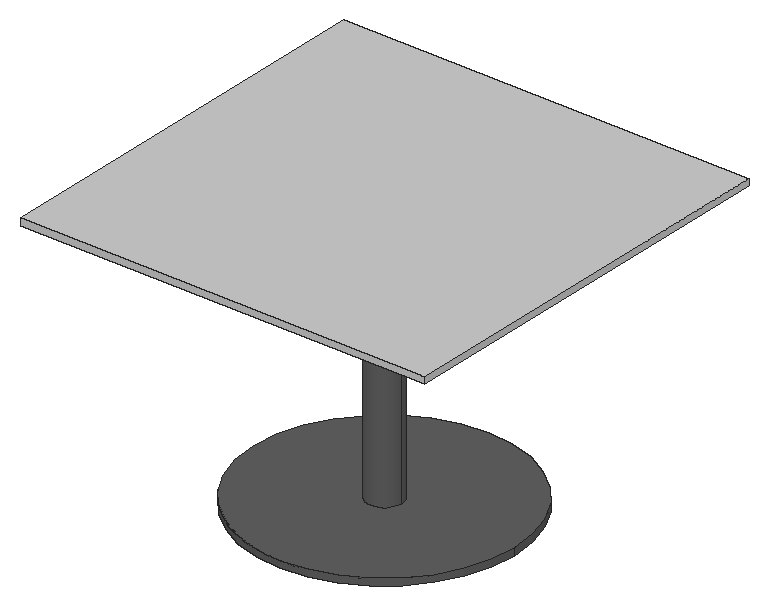
Revit family "InCollection_InTondo", category Arredi, Revit 2023
Family settings
  Basato su piano di lavoro = No
  Attiva taglio nelle viste = Sì
  Sempre verticale = Sì
  Taglio con vuoti quando caricato = No
  Origine composizione di rendering = Geometria famiglia
  Condiviso = No
  Punto di calcolo locali = No
Parameters (values of type "TO1Q")
  top_quad = not(top_circ)  # yes
  top_lato = 590 mm
  top_circ = no
  base_quad = not(base_circ)  # no
  base_lato = 380 mm
  base_circ = yes
  URL = "https://luxy.com/prodotto/incollection/"
  STRUCTURE = STRUCTURE
  Prospetto di default = 0 mm
  Produttore = "LUXY S.p.A."
  PIANO HPL = PIANO HPL
  Nota chiave = "The painted versions of the InCollection components are suitable for outdoors in\r\nsheltered places, but not recommended in sea areas and pools considered the\r\npresence of special natural chemical elements and not."
  Modello = "INCOLLECTION ; TO1Q"
  Diametro = 50 mm
  Descrizione = "H=400mm_Round base steel 380mm, square top 590x590mm"
  Commenti sul tipo = "*Available in chromed version (CR) and painted: black (NE), white (BI), grey (GG), ivory\r\n(SB), water green (VD) e powder (MT)."
  Codice assieme = "4ICTO02"
  Altezza Totale = 390 mm
  Altezza = 0 mm
Types (15, lengths in mm): name | top_quad | top_lato | top_circ | base_lato | Modello | Diametro | Descrizione | Codice assieme | Altezza Totale
  (no name) | yes | 590 | no | 380 | "INCOLLECTION ; TO1Q" | 50 | "H=400mm_Round base steel 380mm, square top 590x590mm" | "4ICTO02" | 390
  TO1Q | yes | 590 | no | 380 | "INCOLLECTION ; TO1Q" | 50 | "H=400mm_Round base steel 380mm, square top 590x590mm" | "4ICTO02" | 390
  TO2Q | yes | 590 | no | 380 | "INCOLLECTION ; TO2Q" | 50 | "H=730mm_Round base steel 380mm, square top 590x590mm" | "4ICTO14" | 720
  TO3Q | yes | 590 | no | 380 | "INCOLLECTION ; TO3Q" | 50 | "H=1060mm_Round base steel 380mm, square top 590x590mm" | "4ICTO26" | 1050
  TO4Q | yes | 790 | no | 450 | "INCOLLECTION ; TO1Q" | 50 | "H=400mm_Round base steel 450mm, square top 790x790mm" | "4ICTO38" | 390
  TO5Q | yes | 790 | no | 450 | "INCOLLECTION ; TO5Q" | 50 | "H=730mm_Round base steel 450mm, square top 790x790mm" | "4ICTO50" | 720
  TO6Q | yes | 790 | no | 450 | "INCOLLECTION ; TO6Q" | 50 | "H=1060mm_Round base steel 450mm, square top 790x790mm" | "4ICTO62" | 1050
  TO1T | no | 590 | yes | 380 | "INCOLLECTION ; TO1T" | 50 | "H=400mm_Round base steel 380mm, round top 590mm" | "4ICTO08" | 390
  TO2T | no | 590 | yes | 380 | "INCOLLECTION ; TO2T" | 50 | "H=730mm_Round base steel 380mm, round top 590mm" | "4ICTO20" | 720
  TO3T | no | 590 | yes | 380 | "INCOLLECTION ; TO3T" | 50 | "H=1060mm_Round base steel 380mm, round top 590mm" | "4ICTO32" | 1050
  TO4T | no | 790 | yes | 450 | "INCOLLECTION ; TO4T" | 50 | "H=400mm_Round base steel 450mm, round top 790mm" | "4ICTO44" | 390
  TO5T | no | 790 | yes | 450 | "INCOLLECTION ; TO5T" | 50 | "H=730mm_Round base steel 450mm,round top 790mm" | "4ICTO56" | 720
  TO6T | no | 790 | yes | 450 | "INCOLLECTION ; TO6T" | 50 | "H=1060mm_Round base steel 450mm, round top 790mm" | "4ICTO68" | 1050
  TO5TA | no | 790 | yes | 450 | "INCOLLECTION ; TO5TA" | 60 | "Adjustable 490-730mm_Round base steel 450mm,round top 790mm" | "4ICTO98" | 720
  TO6TA | no | 790 | yes | 450 | "INCOLLECTION ; TO6TA" | 60 | "Adjustable 740-1100mm_Round base steel 450mm,round top 790mm" | "4ICTO104" | 1100
Reference planes
  plane 1 "Centro (Fronte/Retro)": y = 0
  plane 2: z = 0
  plane 3 "Centro (Sinistra/Destra)": x = 0
  plane 4: x = -190
  plane 5: x = 190
  plane 6: y = 190
  plane 7: y = -190
  plane 8: z = 10
  plane 9: z = 390
  plane 10: z = 400
  plane 11: y = 295
  plane 12: y = -295
  plane 13: x = -295
  plane 14: x = 295
  plane 15: y = 25
  plane 16: y = -25
  plane 17: x = -25
  plane 18: x = 25
Forms (mm)
  Extrusion 1, solid, material "STRUCTURE" <- "STRUCTURE", visible <- "base_quad"
    sketch origin (0, 0, 0) x (1, 0, 0) y (0, 1, 0)
      loop
        line (-190, 190) -> (-190, -190) -> (190, -190) -> (190, 190) -> (-190, 190)
    from 0 to 10
  Extrusion 2, solid, material "PIANO HPL" <- "PIANO HPL", visible <- "top_quad"
    sketch origin (0, 0, 0) x (1, 0, 0) y (0, 1, 0)
      loop
        line (-295, 295) -> (-295, -295) -> (295, -295) -> (295, 295) -> (-295, 295)
    from 390 to 400
  Extrusion 3, solid, material "STRUCTURE" <- "STRUCTURE"
    sketch origin (0, 0, 0) x (1, 0, 0) y (0, 1, 0)
      loop
        circle (0, 0) r 25
    from 10 to 390
  Extrusion 4, solid, material "STRUCTURE" <- "STRUCTURE", visible <- "base_circ"
    sketch origin (0, 0, 0) x (1, 0, 0) y (0, 1, 0)
      loop
        circle (0, 0) r 190
    from 0 to 10
  Extrusion 5, solid, material "PIANO HPL" <- "PIANO HPL", visible <- "top_circ"
    sketch origin (0, 0, 0) x (1, 0, 0) y (0, 1, 0)
      loop
        circle (0, 0) r 295
    from 390 to 400
Lines and regions (mm)
  symbolic lines
    curve 1: line (295, 295, 0) -> (-295, 295, 0)
    curve 2: line (295, -295, 0) -> (295, 295, 0)
    curve 3: line (-295, -295, 0) -> (295, -295, 0)
    curve 4: line (-295, 295, 0) -> (-295, -295, 0)
Dimensions and locks
  equal spacing: plane 4, plane 3 "Centro (Sinistra/Destra)", plane 5
  equal spacing: plane 6, plane 1 "Centro (Fronte/Retro)", plane 7
  "base_lato": plane 4 to plane 5
  "base_lato": plane 6 to plane 7
  plane 8 to plane 2 = 10 mm
  locked: plane 10 to plane 9 at 10
  "Altezza Totale": plane 10 to plane 8
  equal spacing: plane 11, plane 1 "Centro (Fronte/Retro)", plane 12
  equal spacing: plane 13, plane 3 "Centro (Sinistra/Destra)", plane 14
  "top_lato": plane 13 to plane 14
  "top_lato": plane 11 to plane 12
  equal spacing: plane 15, plane 1 "Centro (Fronte/Retro)", plane 16
  "Diametro": plane 15 to plane 16
  equal spacing: plane 17, plane 3 "Centro (Sinistra/Destra)", plane 18
  plane 17 to plane 18 = 50 mm
  plane 3 "Centro (Sinistra/Destra)" to plane 18 to plane 5 = 25 mm, 165 mm
  "Diametro": plane 17 to plane 18
  "base_lato": diameter of Extrusion 4 sketch curve
  "top_lato": diameter of Extrusion 5 sketch curve
  "Diametro": diameter of Extrusion 3 sketch curve
  aligned and locked: level to plane 2
  aligned and locked: Extrusion 1 sketch curve to plane 6
  aligned and locked: plane 4 to Extrusion 1 sketch curve
  aligned and locked: plane 7 to Extrusion 1 sketch curve
  aligned and locked: Extrusion 1 sketch curve to plane 5
  aligned and locked: Extrusion 1 to plane 2
  aligned and locked: plane 8 to Extrusion 1
  aligned and locked: plane 11 to Extrusion 2 sketch curve
  aligned and locked: Extrusion 2 sketch curve to plane 13
  aligned and locked: Extrusion 2 sketch curve to plane 12
  aligned and locked: plane 14 to Extrusion 2 sketch curve
  aligned and locked: plane 10 to Extrusion 2
  aligned and locked: Extrusion 2 to plane 9
  aligned and locked: plane 1 "Centro (Fronte/Retro)" to Extrusion 3 sketch curve
  aligned and locked: plane 9 to Extrusion 3
  aligned and locked: Extrusion 3 to plane 8
  aligned and locked: plane 3 "Centro (Sinistra/Destra)" to Extrusion 4 sketch curve
  aligned and locked: plane 1 "Centro (Fronte/Retro)" to Extrusion 4 sketch curve
  aligned and locked: plane 3 "Centro (Sinistra/Destra)" to Extrusion 5 sketch curve
  aligned and locked: plane 1 "Centro (Fronte/Retro)" to Extrusion 5 sketch curve
  aligned and locked: Extrusion 5 to plane 9
  aligned and locked: plane 10 to Extrusion 5
  aligned and locked: Extrusion 4 to plane 2
  aligned and locked: plane 8 to Extrusion 4
Automatic sketch dimensions
  curve 1 to plane 11 = 0 mm
  curve 1 to plane 13 = 0 mm
  curve 2 to plane 12 = 0 mm
  curve 2 to plane 14 = 0 mm
  plane 1 "Centro (Fronte/Retro)" to Extrusion 3 sketch curve = 0 mm
  Extrusion 3 sketch curve to plane 3 "Centro (Sinistra/Destra)" = 0 mm
